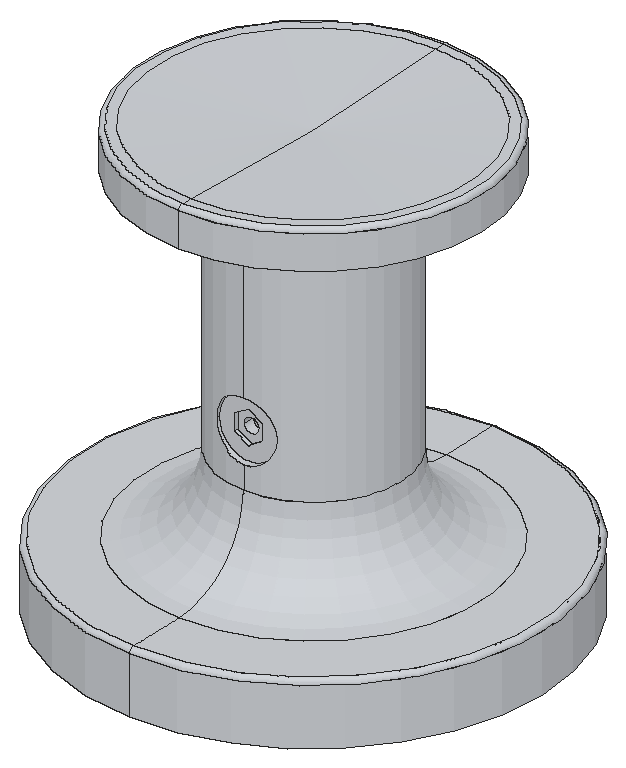
Revit family "Accessory-Robe_Hook-KOHLER-Purist-K-14443BR", category Specialty Equipment, host Face, Revit 2017
Family settings
  Host = Face
  Round Connector Dimension = Use Diameter
  Part Type = Normal
  OmniClass Number = 23.31.25.27
  OmniClass Title = Robe Hooks
  Cut with Voids When Loaded = No
  Shared = No
  Room Calculation Point = No
Parameters (values of type "CP-Polished Chrome")
  Width = 1 203/256"  # constant formula
  WaterSense Certified = 1 = 0  # no
  URL = "https://br.kohler.com/"
  Type = 1
  Product Page URL = "https://br.kohler.com/product-detail/14443br?skuid=K-14443BR-CP"
  Product Name = "Purist"  # constant formula
  Product Documentation Link = "http://resources.kohler.com/plumbing/kohlerbrazil/pdf/1087645_BR2.pdf"
  Model = if(Type = 1, "K-14443BR-CP", if(Type = 2, "K-14443BR-BN", if(Type = 3, "K-14443BR-RGD", "NA")))  # "K-14443BR-CP"
  Material = "Premium Metal Construction"  # constant formula
  Master Format 2014 Name = "Toilet, Bath, and Laundry Accessories"  # constant formula
  Master Format 2014 = "10 28 00"  # constant formula
  Manufacturer Address = "Rio de Janeiro MULTIREPAROS RUA BATISTA DA COSTA, Nº 352 | STORE B Rio de Janeiro SÃO GONÇALO 24450-470"  # constant formula
  Manufacturer = "KOHLER Co."  # constant formula
  Length = 1 29/32"  # constant formula
  Height = 1 29/32"  # constant formula
  Finish = Kohler-Metal-CP-Polished_Chrome
  Environmental Product Declaration = ""
  Description = "Hanger"  # constant formula
  Default Elevation = 42"
  Declare Label = ""
  Date Modified = "07/09/2020"  # constant formula
  Date Created = "07/09/2020"  # constant formula
  Copyright = "Copyright KOHLER Co."  # constant formula
  Contact Us = "https://br.kohler.com/asr-listing"
  Assembly Code = "C1030200"
  ADA Compliant = 1 = 0  # no
Types (4): name | Type | Product Page URL | Model | Finish
  (no name) | 1 | "https://br.kohler.com/product-detail/14443br?skuid=K-14443BR-CP" | "K-14443BR-CP" | Kohler-Metal-CP-Polished_Chrome
  CP-Polished Chrome | 1 | "https://br.kohler.com/product-detail/14443br?skuid=K-14443BR-CP" | "K-14443BR-CP" | Kohler-Metal-CP-Polished_Chrome
  BN-Vibrant Brushed Nickel | 2 | "https://br.kohler.com/product-detail/14443br?skuid=K-14443BR-BN" | "K-14443BR-BN" | Kohler-Metal-BN-Vibrant_Brushed_Nickel
  RGD-Vibrant Rose Gold | 3 | "https://br.kohler.com/product-detail/14443br?skuid=K-14443BR-RGD" | "K-14443BR-RGD" | Kohler-Metal-RGD-Polished_Rose_Gold
Reference planes (in)
  plane 1 "Center (Front/Back)": y = 0
  plane 2: z = 0
  plane 3 "Center (Left/Right)": x = 0
  plane 4: z = 0.25677
  plane 5: x = 0.95345
  plane 6: y = 0.95345
  plane 7: y = -0.9528
  plane 8: z = 1.79297
  plane 9: z = 1.63386
  plane 10: x = -0.9528
  plane 11: y = 0.6995
  plane 12: y = -0.69821
  plane 13: x = -0.69886
  plane 14: x = 0.69886
Dimensions and locks (in)
  "Height": plane 6 to plane 7
  "Length": plane 10 to plane 5
  "Width": plane 8 to level
  aligned and locked: plane 2 to host face
  aligned and locked: level to host face
  aligned and locked: plane 7 to nested 1
  aligned and locked: plane 6 to nested 1
  aligned and locked: plane 5 to nested 1
  aligned and locked: plane 10 to nested 1
  aligned and locked: nested 1 to plane 4
Automatic sketch dimensions
  host sketch curve to host sketch curve = 96"  (x2)
Nested families (in)
  nested 1: "K-14443BR" at (0.00032, 0.00032, 0) x (0, 1, 0) z (0, 0, 1), type "K-14443BR"
Definition of nested family "K-14443BR"
  Parameters (values of type "K-14443BR")
    Finish = none
  Reference planes (in)
    plane 1 "Center (Front/Back)": y = 0
    plane 2: z = 0
    plane 3 "Center (Left/Right)": x = 0
    plane 4: y = 0.95312
    plane 5: y = -0.95313
    plane 6: x = 0.95313
    plane 7: x = -0.95312
    plane 8: x = 0.69886
    plane 9: x = -0.69886
    plane 10: y = -0.69886
    plane 11: y = 0.69886
    plane 12: z = 1.79297
    plane 13: z = 1.63386
    plane 14: z = 0.25677
  Forms (in)
    Revolve 1, solid, material <- "Finish", detail levels medium+fine
      sketch origin (0, 0, 0) x (1, 0, 0) y (0, 0, 1)
        loop
          arc (0.69886, 1.77282) -> (0.6932, 1.78678) -> (0.67942, 1.79287) r 0.02006
          arc (0.67942, 1.79287) -> (0.6589, 1.79294) -> (0.63842, 1.79188) r 0.37168
          arc (0.63842, 1.79188) -> (0.31945, 1.77389) -> (0, 1.77059) r 6.94248
          line (0, 1.77059) -> (0, 0) -> (0.95345, 0) -> (0.95345, 0.23476)
          arc (0.95345, 0.23476) -> (0.94733, 0.24954) -> (0.93255, 0.25566) r 0.0209
          line (0.93255, 0.25566) -> (0.69328, 0.25566)
          arc (0.69328, 0.25566) -> (0.45966, 0.35243) -> (0.36289, 0.58605) r 0.33039
          line (0.36289, 0.58605) -> (0.36289, 1.63386) -> (0.69886, 1.63386) -> (0.69886, 1.77282)
        axis (0, 1.79287) -> (0, 0)
      angle from 0 to 360
    Extrusion 2, void
      sketch origin (0, 0, 0) x (0, 1, 0) y (0, 0, 1)
        loop
          circle (-0.00043, 0.80694) r 0.1254
      from -0.3341 to -0.79476
    Extrusion 3, void
      sketch origin (0, 0, 0) x (0, 1, 0) y (0, 0, 1)
        loop
          line (-0.05906, 0.77495) -> (0.00012, 0.74079) -> (0.05929, 0.77495) -> (0.05929, 0.84328) -> (0.00012, 0.87744) -> (-0.05906, 0.84328) -> (-0.05906, 0.77495)
      from -0.3185 to -0.67538
    Extrusion 4, void
      sketch origin (0, 0, 0) x (0, 1, 0) y (0, 0, 1)
        loop
          circle (0.00066, 0.80694) r 0.03108
      from -0.27356 to -0.67538
    Revolve 5, solid, material <- "Finish", detail levels coarse
      sketch origin (0, 0, 0) x (1, 0, 0) y (0, 0, 1)
        loop
          line (0, 1.79297) -> (-0.69886, 1.79297) -> (-0.69886, 1.63386) -> (-0.36289, 1.63386) -> (-0.36289, 0.4542) -> (-0.9528, 0.25677) -> (-0.9528, 0) -> (0, 0) -> (0, 1.79297)
        axis (0, 0) -> (0, 1.79297)
      angle from 0 to 360
  Cuts and joins
    Extrusion 2, Extrusion 3, Extrusion 4 cuts Revolve 1
  Lines and regions (in)
    Masking region 1
      outline origin (0, 0, 0) x (1, 0, 0) y (0, 1, 0)
        loop
          circle (0, 0) r 0.95345
    Masking region 2
      outline origin (0, 0, 0) x (1, 0, 0) y (0, 0, 1)
        loop
          arc (-0.67499, 1.79297) -> (-0.69187, 1.78598) -> (-0.69886, 1.7691) r 0.02387
          line (-0.69886, 1.7691) -> (-0.69886, 1.63386) -> (-0.36289, 1.63386) -> (-0.36289, 0.93225)
          arc (-0.36289, 0.93225) -> (-0.33972, 0.80693) -> (-0.36289, 0.68161) r 0.35043
          line (-0.36289, 0.68161) -> (-0.36289, 0.56659)
          arc (-0.36289, 0.56659) -> (-0.37435, 0.54034) -> (-0.37855, 0.512) r 0.10863
          arc (-0.37855, 0.512) -> (-0.42597, 0.39167) -> (-0.52357, 0.30679) r 0.27226
          arc (-0.52357, 0.30679) -> (-0.61423, 0.27175) -> (-0.71026, 0.25677) r 0.45474
          line (-0.71026, 0.25677) -> (-0.93049, 0.25677)
          arc (-0.93049, 0.25677) -> (-0.9465, 0.25014) -> (-0.95313, 0.23414) r 0.02263
          line (-0.95313, 0.23414) -> (-0.95313, 0) -> (0, 0) -> (0.95312, 0) -> (0.95312, 0.23414)
          arc (0.95312, 0.23414) -> (0.9465, 0.25014) -> (0.93049, 0.25677) r 0.02263
          line (0.93049, 0.25677) -> (0.71026, 0.25677)
          arc (0.71026, 0.25677) -> (0.61423, 0.27175) -> (0.52357, 0.30679) r 0.45474
          arc (0.52357, 0.30679) -> (0.42597, 0.39167) -> (0.37855, 0.512) r 0.27226
          arc (0.37855, 0.512) -> (0.37435, 0.54034) -> (0.36289, 0.56659) r 0.10863
          line (0.36289, 0.56659) -> (0.36289, 1.63386) -> (0.69886, 1.63386) -> (0.69886, 1.7726)
          arc (0.69886, 1.7726) -> (0.69289, 1.787) -> (0.67849, 1.79297) r 0.02037
          line (0.67849, 1.79297) -> (-0.67499, 1.79297)
    Masking region 3
      outline origin (0, 0, 0) x (0, 1, 0) y (0, 0, 1)
        loop
          arc (-0.67917, 1.79297) -> (-0.69309, 1.7872) -> (-0.69886, 1.77328) r 0.01969
          line (-0.69886, 1.77328) -> (-0.69886, 1.63386) -> (-0.36289, 1.63386) -> (-0.36289, 0.56659)
          arc (-0.36289, 0.56659) -> (-0.37435, 0.54034) -> (-0.37855, 0.512) r 0.10863
          arc (-0.37855, 0.512) -> (-0.42597, 0.39167) -> (-0.52357, 0.30679) r 0.27226
          arc (-0.52357, 0.30679) -> (-0.61423, 0.27175) -> (-0.71026, 0.25677) r 0.45474
          line (-0.71026, 0.25677) -> (-0.93049, 0.25677)
          arc (-0.93049, 0.25677) -> (-0.9465, 0.25014) -> (-0.95313, 0.23414) r 0.02263
          line (-0.95313, 0.23414) -> (-0.95313, 0) -> (0, 0) -> (0.95312, 0) -> (0.95312, 0.23414)
          arc (0.95312, 0.23414) -> (0.9465, 0.25014) -> (0.93049, 0.25677) r 0.02263
          line (0.93049, 0.25677) -> (0.71026, 0.25677)
          arc (0.71026, 0.25677) -> (0.61423, 0.27175) -> (0.52357, 0.30679) r 0.45474
          arc (0.52357, 0.30679) -> (0.42597, 0.39167) -> (0.37855, 0.512) r 0.27226
          arc (0.37855, 0.512) -> (0.37435, 0.54034) -> (0.36289, 0.56659) r 0.10863
          line (0.36289, 0.56659) -> (0.36289, 1.63386) -> (0.69886, 1.63386) -> (0.69886, 1.77328)
          arc (0.69886, 1.77328) -> (0.69309, 1.7872) -> (0.67917, 1.79297) r 0.01969
          line (0.67917, 1.79297) -> (-0.67917, 1.79297)
    symbolic lines, detail levels medium+fine
      curve 1: arc (0.69886, 0, 0) -> (0, 0.69886, 0) -> (-0.69886, 0, 0) r 0.69886
      curve 2: arc (-0.69886, 0, 0) -> (0, -0.69886, 0) -> (0.69886, 0, 0) r 0.69886
      curve 3: line (-0.36289, 0, 1.63386) -> (0.36289, 0, 1.63386)
      curve 4: line (-0.71026, 0, 0.25677) -> (0.71026, 0, 0.25677)
      curve 5: line (-0.36289, 0, 0.56659) -> (0.36289, 0, 0.56659)
      curve 6: line (0, 0.71026, 0.25677) -> (0, -0.71026, 0.25677)
      curve 7: line (0, 0.36289, 0.56659) -> (0, -0.36289, 0.56659)
      curve 8: line (0, 0.36289, 1.63386) -> (0, -0.36289, 1.63386)
  Dimensions and locks (in)
    plane 9 to plane 8 = 1.39771"
    plane 11 to plane 10 = 1.39771"
    plane 12 to level = 1 203/256"  (x2)
    equal spacing: plane 5, plane 1 "Center (Front/Back)", plane 4
    plane 5 to plane 4 = 1 29/32"
    equal spacing: plane 7, plane 3 "Center (Left/Right)", plane 6
    plane 7 to plane 6 = 1 29/32"
    aligned and locked: plane 2 to level
    aligned and locked: Masking region 2 sketch curve to plane 6
    aligned and locked: plane 7 to Masking region 2 sketch curve
  Automatic sketch dimensions
    curve 1 to curve 2 = 0"  (x2)
    plane 1 "Center (Front/Back)" to curve 2 = 0"
    curve 2 to plane 9 = 0"
    curve 2 to plane 3 "Center (Left/Right)" = 0"
    plane 14 to curve 6 = 0"
    plane 13 to curve 8 = 0"
    curve 6 to plane 10 = 0.0114"
    plane 10 to curve 7 = 0.33596"
    plane 10 to curve 8 = 0.33596"
    plane 11 to curve 8 = 0.33596"
    plane 11 to curve 7 = 0.33596"
    curve 6 to plane 11 = 0.0114"
    curve 7 to plane 14 = 0.30982"
    curve 4 to plane 14 = 0"
    curve 3 to plane 13 = 0"
    curve 4 to plane 9 = 0.0114"
    plane 9 to curve 5 = 0.33596"
    plane 9 to curve 3 = 0.33596"
    plane 8 to curve 5 = 0.33596"
    plane 8 to curve 3 = 0.33596"
    curve 4 to plane 8 = 0.0114"
    curve 5 to plane 14 = 0.30982"
    Revolve 1 sketch curve to plane 3 "Center (Left/Right)" = 0"  (x2)
    Revolve 1 sketch curve to plane 13 = 0"
    plane 8 to Revolve 1 sketch curve = 0"
    Revolve 1 sketch curve to level = 0"  (x2)
    plane 3 "Center (Left/Right)" to Revolve 1 sketch curve = 0.08809"
    plane 8 to Revolve 1 sketch curve = 0.33596"
    plane 8 to Revolve 1 sketch curve = 0.03098"
    Revolve 1 sketch curve to Revolve 1 sketch curve = 0.02006"
    plane 8 to Revolve 1 sketch curve = 0.00557"
    plane 14 to Revolve 1 sketch curve = 0.00111"
    plane 6 to Revolve 1 sketch curve = 0.02058"
    Revolve 1 sketch curve to plane 6 = 0.00032"
    plane 13 to Revolve 1 sketch curve = 0.21249"
    plane 12 to Revolve 1 sketch curve = 0.02238"
    plane 12 to Revolve 1 sketch curve = 0.02015"
    Revolve 1 sketch curve to plane 12 = 6.91955"
    Revolve 1 sketch curve to Revolve 1 sketch curve = 0"
    plane 12 to Revolve 1 sketch curve = 0.00163"
    plane 1 "Center (Front/Back)" to Extrusion 2 sketch curve = 0.00043"
    Extrusion 2 sketch curve to plane 14 = 0.55016"
    plane 1 "Center (Front/Back)" to Extrusion 3 sketch curve = 0.05906"
    Extrusion 3 sketch curve to plane 1 "Center (Front/Back)" = 0.00012"  (x2)
    Extrusion 3 sketch curve to plane 1 "Center (Front/Back)" = 0.05929"
    Extrusion 3 sketch curve to plane 14 = 0.48402"
    Extrusion 3 sketch curve to Extrusion 3 sketch curve = 0.03416"  (x3)
    Extrusion 3 sketch curve to Extrusion 3 sketch curve = 0.06833"  (x2)
    Extrusion 4 sketch curve to plane 1 "Center (Front/Back)" = 0.00066"
    Extrusion 4 sketch curve to plane 14 = 0.55016"
    plane 1 "Center (Front/Back)" to Masking region 1 sketch curve = 0"
    Masking region 1 sketch curve to plane 3 "Center (Left/Right)" = 0"
    Masking region 2 sketch curve to level = 0"
    Masking region 2 sketch curve to plane 14 = 0"  (x2)
    Masking region 2 sketch curve to plane 9 = 0"
    Masking region 2 sketch curve to plane 12 = 0"
    Masking region 2 sketch curve to plane 13 = 0"  (x2)
    Masking region 2 sketch curve to plane 3 "Center (Left/Right)" = 0"
    plane 8 to Masking region 2 sketch curve = 0"
    Masking region 2 sketch curve to Masking region 2 sketch curve = 0.02263"  (x2)
    Masking region 2 sketch curve to plane 9 = 0.03307"
    Masking region 2 sketch curve to plane 9 = 0.0114"
    plane 9 to Masking region 2 sketch curve = 0.0087"
    Masking region 2 sketch curve to Masking region 2 sketch curve = 0.02387"
    plane 9 to Masking region 2 sketch curve = 0.05054"
    Masking region 2 sketch curve to Masking region 2 sketch curve = 0.28542"
    Masking region 2 sketch curve to Masking region 2 sketch curve = 0.33596"
    Masking region 2 sketch curve to Masking region 2 sketch curve = 0.09296"
    plane 3 "Center (Left/Right)" to Masking region 2 sketch curve = 0.26993"
    plane 8 to Masking region 2 sketch curve = 0.33596"
    plane 8 to Masking region 2 sketch curve = 0.05054"
    plane 8 to Masking region 2 sketch curve = 0.02037"
    Masking region 2 sketch curve to plane 8 = 0.0114"
    Masking region 2 sketch curve to plane 8 = 0.03307"
    Masking region 2 sketch curve to plane 14 = 0.25363"  (x2)
    Masking region 2 sketch curve to plane 14 = 0.29203"  (x2)
    Masking region 2 sketch curve to Masking region 2 sketch curve = 0.0562"  (x2)
    Masking region 2 sketch curve to Masking region 2 sketch curve = 0.11501"
    Masking region 2 sketch curve to Masking region 2 sketch curve = 0.1622"  (x2)
    Masking region 2 sketch curve to Masking region 2 sketch curve = 0.09593"
    Masking region 2 sketch curve to Masking region 2 sketch curve = 0"
    Masking region 2 sketch curve to Masking region 2 sketch curve = 0.01565"
    Masking region 3 sketch curve to level = 0"
    plane 14 to Masking region 3 sketch curve = 0"  (x2)
    Masking region 3 sketch curve to plane 10 = 0"
    plane 12 to Masking region 3 sketch curve = 0"
    plane 13 to Masking region 3 sketch curve = 0"  (x2)
    Masking region 3 sketch curve to plane 1 "Center (Front/Back)" = 0"
    Masking region 3 sketch curve to plane 11 = 0"
    Masking region 3 sketch curve to plane 10 = 0.0114"
    Masking region 3 sketch curve to plane 10 = 0.03307"
    plane 5 to Masking region 3 sketch curve = 0.02263"
    Masking region 3 sketch curve to plane 5 = 0"
    Masking region 3 sketch curve to Masking region 3 sketch curve = 0.01969"
    plane 10 to Masking region 3 sketch curve = 0.05054"
    Masking region 3 sketch curve to Masking region 3 sketch curve = 0.33596"
    Masking region 3 sketch curve to Masking region 3 sketch curve = 0.09296"  (x2)
    Masking region 3 sketch curve to plane 1 "Center (Front/Back)" = 0.26993"
    plane 11 to Masking region 3 sketch curve = 0.05054"
    plane 11 to Masking region 3 sketch curve = 0.01969"
    Masking region 3 sketch curve to plane 11 = 0.0114"
    Masking region 3 sketch curve to plane 11 = 0.03307"
    plane 4 to Masking region 3 sketch curve = 0.02263"
    Masking region 3 sketch curve to plane 4 = 0"
    Masking region 3 sketch curve to plane 14 = 0.25363"  (x2)
    Masking region 3 sketch curve to plane 14 = 0.29203"  (x2)
    Masking region 3 sketch curve to Masking region 3 sketch curve = 0.0562"  (x2)
    Masking region 3 sketch curve to Masking region 3 sketch curve = 0.1622"  (x2)
    Masking region 3 sketch curve to Masking region 3 sketch curve = 0"
    Masking region 3 sketch curve to Masking region 3 sketch curve = 0.01565"
    Revolve 5 sketch curve to plane 14 = 0"
    Revolve 5 sketch curve to level = 0"
    Revolve 5 sketch curve to plane 9 = 0"
    Revolve 5 sketch curve to plane 13 = 0"
    Revolve 5 sketch curve to plane 3 "Center (Left/Right)" = 0"  (x2)
    Revolve 5 sketch curve to plane 12 = 0"
    plane 7 to Revolve 5 sketch curve = 0.00032"
    plane 9 to Revolve 5 sketch curve = 0.33596"
    Revolve 5 sketch curve to plane 14 = 0.19743"
    Revolve 5 sketch curve to Revolve 5 sketch curve = 0.30925"
    plane 13 to Revolve 5 sketch curve = 0.36356"
    radius of Extrusion 2 sketch curve = 0.1254"
    radius of Extrusion 4 sketch curve = 0.03108"
    radius of Masking region 1 sketch curve = 0.95345"
